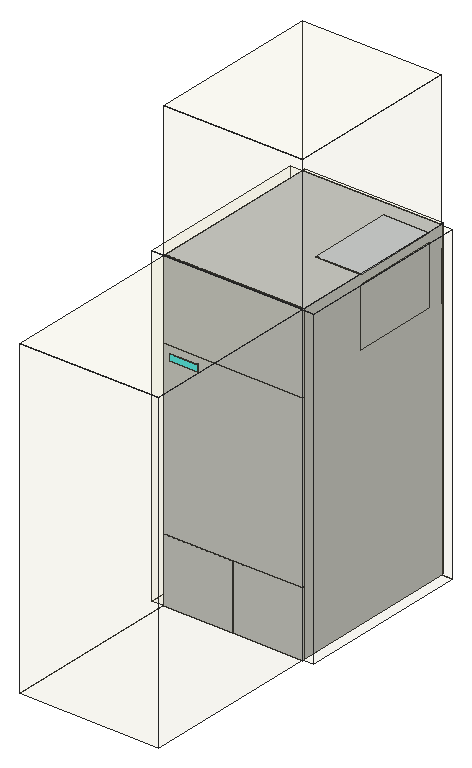
Revit family "Siemens_MV_switchgear_gas-insulated_8DJH_compact  ring main and transformer panel", category Electrical Fixtures, Revit 2016
Family settings
  Maintain Annotation Orientation = No
  Part Type = Normal
  Round Connector Dimension = Use Diameter
  OmniClass Number = 23.80.00.00
  OmniClass Title = Electric Power and Lighting
  Work Plane-Based = No
  Always vertical = Yes
  Cut with Voids When Loaded = No
  Shared = No
  Room Calculation Point = No
Parameters (values of type "2 ring main and 1 transformer panel (RRT)")
  V4 = V = 4  # no
  V3 = V = 3  # no
  V = 2
  Voltage rating (kV) = "25 - 34.5"
  Type of arrangement = "wall-standing; free-standing"
  Technical description MV-switchgear = "www.siemens.com/medium-voltage-switchgear"
  Switchgear type = "8DJH compact"
  Standards = "IEC / GOST / GB"
  Specification texts = "www.siemens.com/specifications"
  Product data url = "http://bimobject.com/en-us/siemens/product/siemens_mv_switchgear_gas-insulated_8djh_compact_24kv"
  Product Guid = "4bded476-668d-478a-98aa-a03dbc06cb6d"
  Pressure absorber right 1 [instance] = if(PaneltypNr = 4, 1 = 2, Cable connection to right)  # no
  Edition number = 1
  Cable connection to right [instance] = no
  PaneltypNr [instance] = 2
  Panel connection = "One cable per phase"
  SIMARIS planning tools = "www.siemens.com/simaris"
  Rated voltage (kV) = "3.3 - 22"
  Rated short-time withstand current (kA/s) = "16/1;16/3;20/1;20/3;25/1"
  Rated short-duration power-frequency withstand voltage (kV) = "20;28;36;38;50"
  Rated normal current busbar (A) = "630"
  Rated lightning impulse withstand voltage (kV) = "60;75;95;125"
  Rated frequency (Hz) = "50;60"
  Rated current feeder (A) = "630"
  Panel type = "RRT"
  Three-position switch = "manual operated; motor operated"
  Line_h1 [instance] = if(Height 1400 mm, 600 mm, 900 mm)  # 600 mm
  Internal arc classification = "IAC A F 21kA/1s; IAC A FLR 21kA/1s"
  Hges_Cl_Top [instance] = H + 600 mm  # 2000 mm
  Hges_Cl_H [instance] = H  # 1400 mm
  Height 1700 mm [instance] = not(Height 1400 mm)  # no
  Height 1400 mm [instance] = yes
  Druckabsorber_sichtbar [instance] = (Pressure absorber on_off)  # no
  Short circuit/earth fault indicator = "without; with"
  Clearence for only operating [instance] = yes
  Capacitive voltage  indicator = "with"
  Pressure absorber on_off [instance] = no
  T [instance] = 775 mm  # constant formula
  Consultant support for Totally Integrated Power (TIP) = "www.siemens.com/tip-cs"
  Clearance [instance] = yes
  Rated Current = ""
  Model = "2 ring main and 1 transformer panel (RRT)"
  Manufacturer = "Siemens AG"
  IFC Classification = "Electric Distribution"
  Hges [instance] = H  # 1400 mm
  DrAb_U [instance] = 0 mm  # constant formula
  H [instance] = if(Height 1400 mm, 1400 mm, 1700 mm)  # 1400 mm
  Manufacturer = "Siemens AG"
  Cl_v_T [instance] = if(Clearence for only operating, 800 mm, 1000 mm)  # 800 mm
  Cl_r_B [instance] = B_all + 50 mm  # 670 mm
  Cl_l_B [instance] = -50 mm  # constant formula
  Cl_H_T [instance] = 15 mm  # constant formula
  Capacitive voltage indicator = "CAPDIS-S1+;CAPDIS-S2+;HR;LRM;VOIS+;VOIS R+;WEGA 1.2 C;WEGA 2.2 C"
  B_all [instance] = if(V = 2, B, if(V = 3, B + 310 mm, 2 * B))  # 620 mm
  B [instance] = if(Pressure absorber on_off, 620 mm + 80 mm, 620 mm)  # 620 mm
Reference planes
  plane 1 "Mitte (Vorne/Hinten)": y = 0
  plane 2: z = 0
  plane 3 "Mitte (Links/Rechts)": x = 0
  plane 4 "Schrankunterkante": z = 0
  plane 5 "Hinterkant Schrank": y = 775
  plane 6: z = 1400
  plane 7 "H": z = 1400
  plane 8 "EP -RRT -R": x = 620
  plane 9 "Linien": y = -1
Forms (mm)
  Extrusion 1, solid, material "Glas unsichtbar", visible <- "Clearance"
    sketch origin (0, 0, 0) x (0, 1, 0) y (0, 0, 1)
      loop
        line (0, 1400) -> (-800, 1400) -> (-800, 0) -> (0, 0) -> (0, 1400)
    from 0 to 620 <- "B_all"
  Extrusion 2, solid, material "Glas unsichtbar", visible <- "Clearance"
    sketch origin (0, 2746.306, -1522.302) x (0, 1, 0) y (0, 0, 1)
      loop
        line (-1971.306, 2922.302) -> (-2746.306, 2922.302) -> (-2746.306, 1522.302) -> (-1971.306, 1522.302) -> (-1971.306, 2922.302)
    from -50 <- "Cl_l_B" to 0
  Extrusion 3, solid, material "Glas unsichtbar", visible <- "Clearance"
    sketch origin (0, -2515.375, 1319.373) x (0, 1, 0) y (0, 0, 1)
      loop
        line (3290.375, 80.627) -> (2515.375, 80.627) -> (2515.375, -1319.373) -> (3290.375, -1319.373) -> (3290.375, 80.627)
    from 620 <- "B_all" to 670 <- "Cl_r_B"
  Extrusion 4, solid, material "Glas unsichtbar", visible <- "Clearance"
    sketch origin (0, 889.07, 278.53) x (0, 1, 0) y (0, 0, 1)
      loop
        line (-99.07, -278.53) -> (-99.07, 1121.47) -> (-114.07, 1121.47) -> (-114.07, -278.53) -> (-99.07, -278.53)
    from 0 to 620 <- "B_all"
  Extrusion 5, solid, material "Glas unsichtbar", visible <- "Clearance"
    sketch origin (0, -5930.661, 4152.693) x (0, 1, 0) y (0, 0, 1)
      loop
        line (6705.661, -2152.693) -> (5930.661, -2152.693) -> (5930.661, -2752.693) -> (6705.661, -2752.693) -> (6705.661, -2152.693)
    from 0 to 620 <- "B_all"
Dimensions and locks
  "Cl_v_T": Extrusion 1 sketch curve to Extrusion 1 sketch curve
  "DrAb_U": plane 4 "Schrankunterkante" to plane 2
  "Hges": Extrusion 1 sketch curve to Extrusion 1 sketch curve
  "T": Extrusion 2 sketch curve to Extrusion 2 sketch curve
  "Hges": Extrusion 2 sketch curve to Extrusion 2 sketch curve
  "T": Extrusion 3 sketch curve to Extrusion 3 sketch curve
  "Hges": Extrusion 3 sketch curve to Extrusion 3 sketch curve
  "Cl_H_T": Extrusion 4 sketch curve to Extrusion 4 sketch curve
  "T": plane 5 "Hinterkant Schrank" to plane 1 "Mitte (Vorne/Hinten)"
  "T": Extrusion 5 sketch curve to Extrusion 5 sketch curve
  "Hges": plane 6 to level
  "Hges_Cl_H": Extrusion 4 sketch curve to Extrusion 4 sketch curve
  "Hges_Cl_Top": Extrusion 5 sketch curve to level
  "H": plane 4 "Schrankunterkante" to plane 7 "H"
  nested 1 to nested 1 = 620 mm
  "B": plane 3 "Mitte (Links/Rechts)" to plane 8 "EP -RRT -R"
  "Line_h1": nested 4 to level
  "Line_h1": nested 5 to level
  plane 1 "Mitte (Vorne/Hinten)" to plane 9 "Linien" = 1 mm
  "Line_h1": nested 6 to level
  locked: nested 6 to nested 2 at 170
  locked: nested 2 to nested 4 at 111.757
  locked: nested 5 to plane 8 "EP -RRT -R" at 197.457
  aligned and locked: level to plane 2
  aligned and locked: plane 1 "Mitte (Vorne/Hinten)" to Extrusion 1 sketch curve
  aligned and locked: Extrusion 2 to level
  aligned and locked: plane 1 "Mitte (Vorne/Hinten)" to Extrusion 2
  aligned and locked: Extrusion 3 to level
  aligned and locked: plane 1 "Mitte (Vorne/Hinten)" to Extrusion 3
  aligned and locked: Extrusion 4 to level
  aligned and locked: plane 5 "Hinterkant Schrank" to Extrusion 4
  aligned and locked: Extrusion 5 to plane 6
  aligned and locked: plane 1 "Mitte (Vorne/Hinten)" to Extrusion 5
  aligned and locked: plane 3 "Mitte (Links/Rechts)" to nested 1
  aligned and locked: nested 1 to level
  aligned and locked: plane 5 "Hinterkant Schrank" to nested 1
  aligned and locked: plane 8 "EP -RRT -R" to nested 2
  aligned and locked: nested 2 to level
  aligned and locked: plane 5 "Hinterkant Schrank" to nested 2
  aligned and locked: nested 3 to level
  aligned and locked: plane 8 "EP -RRT -R" to nested 3
  aligned and locked: plane 1 "Mitte (Vorne/Hinten)" to nested 3
  aligned and locked: plane 9 "Linien" to nested 4
  aligned and locked: plane 9 "Linien" to nested 5
  aligned and locked: plane 9 "Linien" to nested 6
Automatic sketch dimensions
  plane 1 "Mitte (Vorne/Hinten)" to Extrusion 5 sketch curve = 0 mm
  Extrusion 5 sketch curve to plane 4 "Schrankunterkante" = 1400 mm
  Extrusion 2 sketch curve to plane 1 "Mitte (Vorne/Hinten)" = 0 mm
  Extrusion 2 sketch curve to level = 0 mm
  Extrusion 3 sketch curve to plane 1 "Mitte (Vorne/Hinten)" = 0 mm
  Extrusion 3 sketch curve to level = 0 mm
  Extrusion 4 sketch curve to level = 0 mm
  Extrusion 4 sketch curve to plane 5 "Hinterkant Schrank" = 0 mm
  Extrusion 1 sketch curve to level = 0 mm
Nested families
  nested 1: "8DJH compact - Basic3" at (0, 775, 0), B <- "B", Pressure absorber on_off <- "Pressure absorber on_off", H <- "H", T <- "T", PaneltypeNR <- "PaneltypNr", Cable connection to right <- "Cable connection to right", type "Test"
    with XB_AE 775 mm, T 775 mm, Sch_h1 1020 mm, Sch_ab1 30 mm, Pressure absorber on_off no, PaneltypeNR 2, Kab_u_t2 690 mm, Kab_u_t1 400 mm, Kab_u_b1 580 mm, Kab_top_h2 1401 mm, Kab_r_h1 1360 mm, Kab_r_b2 621 mm, Kab_h_h1 1310 mm, Kab_ab_vh 70 mm, Ka_r_sichtbar yes, H 1400 mm, GK5_b2 620 mm, GK5_b1 310 mm, GK4u5_h 290 mm, GK4_b2 310 mm, GK4_b1 0 mm, GK3_h2 1050 mm, GK3_h 760 mm, GK3_EP_h 640 mm, GK2_h 350 mm, GK2_b2 620 mm, GK2_b1 0 mm, GK1_t 764 mm, GK1_h 1400 mm, Cable connection to right no, B 620 mm
  nested 2: "8DJH compact - Basic4" at (620, 775, 0), Pressure absorber on_off <- "Pressure absorber on_off", T <- "T", H <- "H", visible <- "V4", Cable connection to right <- "Cable connection to right", type "basic1"
    with XB_AE 775 mm, T 775 mm, Sch_h1 1020 mm, Sch_ab1 30 mm, Pressure absorber on_off no, Kab_u_t2 690 mm, Kab_u_t1 400 mm, Kab_u_b1 580 mm, Kab_top_h2 1401 mm, Kab_r_sichtbar no, Kab_r_h1 1360 mm, Kab_r_b2 830 mm, Kab_h_u_top_b2 620 mm, Kab_h_h1 1310 mm, Kab_ab_vh 70 mm, H 1400 mm, GK5_b2 620 mm, GK5_b1 310 mm, GK4u5_h 290 mm, GK4_b2 310 mm, GK4_b1 0 mm, GK3_h2 1050 mm, GK3_h 760 mm, GK3_b2 620 mm, GK3_EP_h 640 mm, GK2_h 350 mm, GK2_b2 620 mm, GK2_b1 0 mm, GK1_t 764 mm, GK1_h 1400 mm, Cable connection to right no, B 620 mm
  nested 3: "8DJH compact - Basic5" at (620, 775, 0), visible <- "V3", H <- "H", type "basic5"
    with T 775 mm, Sch_h1 260 mm, Sch_ab1 30 mm, Pressure absorber on_off yes, Kab_u_t2 690 mm, Kab_u_t1 400 mm, Kab_u_b1 270 mm, H 1400 mm, GK5_b2 310 mm, GK5_b1 310 mm, GK4u5_h 290 mm, GK4_b2 310 mm, GK4_b1 0 mm, GK3_h2 290 mm, GK3_h 290 mm, GK3_EP_h 450 mm, GK2_h 450 mm, GK2_b2 310 mm, GK2_b1 0 mm, GK1_t 764 mm, GK1_h2 110 mm, GK1_h 740 mm, Front 775 mm, B 310 mm
  nested 4: "2D_Linien2" at (313.862, -1, 318.595), type "Type M(430)"
    with Width 430 mm
  nested 5: "2D_Linien3" at (988.075, -1, 318.595), visible <- "V3", type "Type M(430)"
  nested 6: "2D_Linien4" at (933.862, -1, 318.595), visible <- "V4", type "Typ1"
Definition of nested family "8DJH compact - Basic3"
  Parameters (values of type "basic1")
    XB_AE [instance] = T  # 775 mm
    T [instance] = 775 mm
    Sch_h1 [instance] = GK3_h2 - 30 mm  # 1020 mm
    Sch_ab1 [instance] = 30 mm  # constant formula
    Pressure absorber on_off [instance] = yes
    PaneltypeNR [instance] = 0
    PA_b = 80 mm  # constant formula
    Manufacturer = "Siemens AG"
    Kab_u_t2 [instance] = T - 40 mm - 45 mm  # 690 mm
    Kab_u_t1 [instance] = 400 mm  # constant formula
    Kab_u_b1 [instance] = B - 40 mm  # 660 mm
    Kab_top_h2 [instance] = H + 1 mm  # 1401 mm
    Kab_r_b2 [instance] = if(Cable connection to right, B + 210 mm, B + 1 mm)  # 701 mm
    Kab_r_h1 [instance] = H - 40 mm  # 1360 mm
    Kab_h_h1 [instance] = H - 90 mm  # 1310 mm
    Kab_ab_vh [instance] = 70 mm  # constant formula
    Ka_r_sichtbar [instance] = if(PaneltypeNR = 4, 1 = 2, 1 = 1)  # yes
    GK5_b2 [instance] = B  # 700 mm
    GK5_b1 [instance] = GK4_b2  # 390 mm
    GK4_b2 [instance] = GK4_b1 + 310 mm  # 390 mm
    GK4_b1 [instance] = GK2_b1  # 80 mm
    GK2_h [instance] = 350 mm  # constant formula
    IFC Classification = "Electric Distribution"
    H [instance] = 1400 mm
    built-in parameter 1010108 = "Siemens AG"
    GK4u5_h [instance] = if(H = 1400 mm, 290 mm, 590 mm)  # 290 mm
    GK3_h2 [instance] = H - GK2_h  # 1050 mm
    GK3_h [instance] = 760 mm  # constant formula
    GK3_EP_h [instance] = H - GK3_h  # 640 mm
    GK2_b2 [instance] = B  # 700 mm
    GK2_b1 [instance] = if(Pressure absorber on_off, PA_b, 0 mm)  # 80 mm
    GK1_t [instance] = T - 11 mm  # 764 mm
    GK1_h [instance] = H  # 1400 mm
    Cable connection to right [instance] = no
    B [instance] = if(Pressure absorber on_off, 620 mm + 80 mm, 620 mm)  # 700 mm
  Types (2, lengths in mm): name | XB_AE | T | Sch_h1 | Kab_u_t2 | Kab_top_h2 | Kab_r_b2 | Kab_r_h1 | Kab_h_h1 | H | GK4u5_h | GK3_h2 | GK3_EP_h | GK1_t | GK1_h | Cable connection to right
    basic1 | 775 | 775 | 1020 | 690 | 1401 | 701 | 1360 | 1310 | 1400 | 290 | 1050 | 640 | 764 | 1400 | no
    Test | 1200 | 1200 | 1220 | 1115 | 1601 | 910 | 1560 | 1510 | 1600 | 590 | 1250 | 840 | 1189 | 1600 | yes
  Reference planes
    plane 1 "Mitte (Vorne/Hinten)": y = 0
    plane 2: z = 0
    plane 3 "Mitte (Links/Rechts)": x = 0
    plane 4 "Bedienelemente": y = -775
    plane 5 "Kabeldurchbruch": y = -491
    plane 6: x = 700
  Forms (mm)
    Extrusion 1, solid
      sketch origin (0, 0, 0) x (0, 1, 0) y (0, 0, 1)
        loop
          line (-764, 0) -> (0, 0) -> (0, 1400) -> (-764, 1400) -> (-764, 0)
      from 0 to 700 <- "B"
    Extrusion 2, solid
      sketch origin (0, 0, 0) x (0, 1, 0) y (0, 0, 1)
        loop
          line (-765, 1400) -> (-775, 1400) -> (-775, 1050) -> (-765, 1050) -> (-765, 1400)
      from 80 <- "GK2_b1" to 700 <- "GK2_b2"
    Extrusion 3, solid
      sketch origin (0, -103.477, -448.21) x (0, 1, 0) y (0, 0, 1)
        loop
          line (-661.523, 1498.21) -> (-671.523, 1498.21) -> (-671.523, 738.21) -> (-661.523, 738.21) -> (-661.523, 1498.21)
      from 0 to 700 <- "GK2_b2"
    Extrusion 4, solid
      sketch origin (0, -142.206, -1187.196) x (0, 1, 0) y (0, 0, 1)
        loop
          line (-622.794, 1477.196) -> (-632.794, 1477.196) -> (-632.794, 1187.196) -> (-622.794, 1187.196) -> (-622.794, 1477.196)
      from 80 <- "GK4_b1" to 390 <- "GK4_b2"
    Extrusion 5, solid
      sketch origin (0, -598.777, -1131.136) x (0, 1, 0) y (0, 0, 1)
        loop
          line (-166.223, 1421.136) -> (-176.223, 1421.136) -> (-176.223, 1131.136) -> (-166.223, 1131.136) -> (-166.223, 1421.136)
      from 390 <- "GK5_b1" to 700 <- "GK5_b2"
    Extrusion 6, solid
      sketch origin (0, 0, 0) x (1, 0, 0) y (0, 1, 0)
        loop
          line (500, -70) -> (500, -450) -> (700, -450) -> (700, -70) -> (500, -70)
      from 1400 <- "H" to 1401 <- "Kab_top_h2"
    Extrusion 7, solid
      sketch origin (0, 0, 0) x (1, 0, 0) y (0, 0, 1)
        loop
          line (500, 1310) -> (500, 1090) -> (700, 1090) -> (700, 1310) -> (500, 1310)
      from -1 to 0
    Extrusion 8, void
      sketch origin (0, 0, 0) x (1, 0, 0) y (0, 1, 0)
        loop
          line (90, -491) -> (90, -621) -> (120, -621) -> (120, -690) -> (350, -690) -> (350, -621) -> (382, -621) -> (382, -491) -> (90, -491)
        loop
          line (400, -491) -> (400, -621) -> (430, -621) -> (430, -690) -> (660, -690) -> (660, -621) -> (690, -621) -> (690, -491) -> (400, -491)
      from 0 to 10
    Extrusion 9, solid, visible <- "Ka_r_sichtbar"
      sketch origin (0, 0, 0) x (0, 1, 0) y (0, 0, 1)
        loop
          line (-450, 1360) -> (-450, 1100) -> (-70, 1100) -> (-70, 1360) -> (-450, 1360)
      from 700 <- "B" to 701 <- "Kab_r_b2"
  Cuts and joins
    Extrusion 8 cuts Extrusion 1
  Dimensions and locks
    "GK1_h": Extrusion 1 sketch curve to Extrusion 1 sketch curve
    "XB_AE": plane 1 "Mitte (Vorne/Hinten)" to plane 4 "Bedienelemente"
    "GK1_t": Extrusion 1 sketch curve to Extrusion 1 sketch curve
    plane 5 "Kabeldurchbruch" to plane 1 "Mitte (Vorne/Hinten)" = 491 mm
    locked: Extrusion 2 sketch curve to Extrusion 2 sketch curve at 10
    "T": plane 1 "Mitte (Vorne/Hinten)" to Extrusion 2 sketch curve
    locked: Extrusion 2 sketch curve to Extrusion 2 sketch curve at 350
    locked: Extrusion 3 sketch curve to Extrusion 3 sketch curve at 10
    "GK3_h": Extrusion 3 sketch curve to Extrusion 3 sketch curve
    locked: Extrusion 4 sketch curve to Extrusion 4 sketch curve at 10
    "GK4u5_h": Extrusion 4 sketch curve to Extrusion 4 sketch curve
    locked: Extrusion 5 sketch curve to Extrusion 5 sketch curve at 10
    "GK4u5_h": Extrusion 5 sketch curve to Extrusion 5 sketch curve
    "GK3_h2": Extrusion 3 sketch curve to level
    "T": plane 1 "Mitte (Vorne/Hinten)" to Extrusion 3 sketch curve
    "T": plane 1 "Mitte (Vorne/Hinten)" to Extrusion 4 sketch curve
    "H": level to Extrusion 2 sketch curve
    "T": plane 1 "Mitte (Vorne/Hinten)" to Extrusion 5 sketch curve
    "Sch_h1": nested 1 to level
    "Sch_ab1": nested 1 to plane 3 "Mitte (Links/Rechts)"
    locked: Extrusion 6 sketch curve to Extrusion 6 sketch curve at 380
    "Kab_ab_vh": Extrusion 6 sketch curve to plane 1 "Mitte (Vorne/Hinten)"
    "B": plane 3 "Mitte (Links/Rechts)" to Extrusion 6 sketch curve
    Extrusion 7 sketch curve to Extrusion 7 sketch curve = 220 mm
    locked: Extrusion 7 sketch curve to Extrusion 7 sketch curve at 200
    "Kab_h_h1": Extrusion 7 sketch curve to level
    "B": Extrusion 7 sketch curve to plane 3 "Mitte (Links/Rechts)"
    locked: Extrusion 8 sketch curve to Extrusion 8 sketch curve at 80
    "Kab_u_b1": plane 3 "Mitte (Links/Rechts)" to Extrusion 8 sketch curve
    "Kab_u_t2": Extrusion 8 sketch curve to plane 1 "Mitte (Vorne/Hinten)"
    locked: Extrusion 8 sketch curve to Extrusion 8 sketch curve at 230  (x2)
    locked: Extrusion 6 sketch curve to Extrusion 6 sketch curve at 200
    locked: Extrusion 9 sketch curve to Extrusion 9 sketch curve at 260
    "Kab_r_h1": level to Extrusion 9 sketch curve
    locked: Extrusion 9 sketch curve to Extrusion 9 sketch curve at 380
    locked: Extrusion 9 sketch curve to cut or joined group of Extrusion 1, Extrusion 8 at 70
    "B": plane 3 "Mitte (Links/Rechts)" to plane 6
    locked: Extrusion 8 sketch curve to Extrusion 8 sketch curve at 30
    aligned and locked: level to plane 2
    aligned and locked: level to Extrusion 1 sketch curve
    aligned and locked: plane 1 "Mitte (Vorne/Hinten)" to Extrusion 1 sketch curve
    aligned and locked: level to Extrusion 4 sketch curve
    aligned and locked: level to Extrusion 5 sketch curve
    aligned and locked: plane 4 "Bedienelemente" to nested 1
    aligned and locked: Extrusion 8 sketch curve to Extrusion 8 sketch curve  (x2)
    aligned and locked: Extrusion 8 sketch curve to plane 5 "Kabeldurchbruch"
    aligned and locked: plane 1 "Mitte (Vorne/Hinten)" to nested 2
    aligned and locked: plane 6 to nested 2
    aligned and locked: Extrusion 8 sketch curve to nested 2
    aligned and locked: nested 2 to Extrusion 8 sketch curve  (x2)
  Automatic sketch dimensions
    Extrusion 8 sketch curve to Extrusion 8 sketch curve = 69 mm  (x4)
  Nested families
    nested 1: "Siemens Schild" at (110, -775, 1025), type "Test"
    nested 2: "Befestigungen nur 2x 310mm " at (390, 0, 0), type "Fastening and cable cut-out"
  Definition of nested family "Siemens Schild"
    Parameters (values of type "Test")
      Schild_Text_Tiefe = 0 mm  # constant formula
      Schild_Text_H = Schild_G_H - 10 mm  # 20 mm
      Schild_Text_T1 = Schild_T + Schild_G_T + 0.5 mm  # 6.5 mm
      Schild_T = 5 mm
      Schild_Rand = 5 mm
      Schild_L2 = Schild_L / 2  # 50 mm
      Schild_L = 100 mm  # constant formula
      Schild_H = 80 mm
      Schild_G_T = 1 mm
      Schild_G_L = 125 mm  # constant formula
      Schild_G_H = 30 mm  # constant formula
      Manufacturer = "Siemens AG"
      IFC Classification = "Electric Distribution"
      built-in parameter 1010108 = "Siemens AG"
    Reference planes
      plane 1 "Mitte (Vorne/Hinten)": y = 0
      plane 2: z = 0
      plane 3 "Mitte (Links/Rechts)": x = 0
      plane 4 "Einfiegefläche_Text": y = -1.5
    Forms (mm)
      Extrusion 1, solid
        sketch origin (-265.883, 0, -2089.227) x (1, 0, 0) y (0, 0, 1)
          loop
            line (185.883, 2054.227) -> (310.883, 2054.227) -> (310.883, 2084.227) -> (185.883, 2084.227) -> (185.883, 2054.227)
        from 0 to 1
    Dimensions and locks
      "Schild_G_L": Extrusion 1 sketch curve to Extrusion 1 sketch curve
      "Schild_G_H": Extrusion 1 sketch curve to Extrusion 1 sketch curve
      locked: plane 1 "Mitte (Vorne/Hinten)" to plane 4 "Einfiegefläche_Text" at 1.5
      aligned and locked: level to plane 2
    Automatic sketch dimensions
      Extrusion 1 sketch curve to level = 5 mm
      Extrusion 1 sketch curve to plane 3 "Mitte (Links/Rechts)" = 80 mm
  Definition of nested family "Befestigungen nur 2x 310mm "
    Parameters (values of type "Fastening and cable cut-out")
      WidthUpTo840 = and(not(Width620), not(Width840))  # no
      WidthUpTo620 = not(Width620)  # no
      Width840 = if(Width = 840 mm, 1 < 2, 1 > 2)  # no
      Width620 = if(Width = 620 mm, 1 < 2, 1 > 2)  # yes
      Width = 620 mm
      Visible = if(or(Cable Compartment Depth 575, Cable Compartment Depth 430), 1 < 2, Cable Compartment Depth 430)  # no
      Depth = 726 mm
      Cable cutout = if(or(Width = 430 mm, Width = 310 mm), 400 mm, if(Width = 500 mm, 380 mm, if(or(Width = 620 mm, Width = 840 mm), 250 mm, 400 mm)))  # 250 mm
      Cable Compartment Depth 575 = no
      Cable Compartment Depth 430 = no
      620andCC575 = if(and(Width620, Cable Compartment Depth 575), 1 < 2, 1 > 2)  # no
      620andCC430 = if(and(Width620, Visible), 1 < 2, 1 > 2)  # no
    Reference planes
      plane 1 "Center (Front/Back)": y = 0
      plane 2: z = 0
      plane 3 "Center (Left/Right)": x = 0
      plane 4: x = 310
      plane 5: x = -310
      plane 6: z = 2046
      plane 7: y = -726
      plane 8: z = 2200
      plane 9: y = -33
      plane 10: y = -99
      plane 11: y = -220
      plane 12: y = -315
      plane 13: x = -280
      plane 14: x = -300
      plane 15: x = 280
      plane 16: x = 300
      plane 17: y = -721
      plane 18: y = -701
      plane 19: y = -748
      plane 20: y = -893
      plane 21: y = -728
      plane 22: y = -768
      plane 23: y = -250
      plane 24: y = -442
      plane 25: y = -482
      plane 26: y = -630
      plane 27: y = -670
    Lines and regions (mm)
      model lines
        curve 1: line (-310, 0, 0) -> (310, 0, 0)
        curve 2: line (-310, -726, 0) -> (-310, 0, 0)
        curve 3: line (310, -726, 0) -> (-310, -726, 0)
        curve 4: line (310, 0, 0) -> (310, -726, 0)
        curve 5: line (-300, -79, 0) -> (-280, -79, 0)
        curve 6: line (-280, -79, 0) -> (-280, -119, 0)
        curve 7: line (-280, -119, 0) -> (-300, -119, 0)
        curve 8: line (-300, -79, 0) -> (-300, -119, 0)
        curve 9: line (-300, -203, 0) -> (-280, -203, 0)
        curve 10: line (-280, -203, 0) -> (-280, -243, 0)
        curve 11: line (-280, -243, 0) -> (-300, -243, 0)
        curve 12: line (-300, -203, 0) -> (-300, -243, 0)
        curve 13: line (-300, -295, 0) -> (-280, -295, 0)
        curve 14: line (-280, -295, 0) -> (-280, -335, 0)
        curve 15: line (-280, -335, 0) -> (-300, -335, 0)
        curve 16: line (-300, -295, 0) -> (-300, -335, 0)
        curve 17: line (-300, -442, 0) -> (-280, -442, 0)
        curve 18: line (-280, -442, 0) -> (-280, -482, 0)
        curve 19: line (-280, -482, 0) -> (-300, -482, 0)
        curve 20: line (-300, -442, 0) -> (-300, -482, 0)
        curve 21: line (-300, -630, 0) -> (-280, -630, 0)
        curve 22: line (-280, -630, 0) -> (-280, -670, 0)
        curve 23: line (-280, -670, 0) -> (-300, -670, 0)
        curve 24: line (-300, -630, 0) -> (-300, -670, 0)
        curve 25: line (280, -630, 0) -> (300, -630, 0)
        curve 26: line (300, -630, 0) -> (300, -670, 0)
        curve 27: line (300, -670, 0) -> (280, -670, 0)
        curve 28: line (280, -630, 0) -> (280, -670, 0)
        curve 29: line (280, -442, 0) -> (300, -442, 0)
        curve 30: line (300, -442, 0) -> (300, -482, 0)
        curve 31: line (300, -482, 0) -> (280, -482, 0)
        curve 32: line (280, -442, 0) -> (280, -482, 0)
        curve 33: line (280, -295, 0) -> (300, -295, 0)
        curve 34: line (300, -295, 0) -> (300, -335, 0)
        curve 35: line (300, -335, 0) -> (280, -335, 0)
        curve 36: line (280, -295, 0) -> (280, -335, 0)
        curve 37: line (280, -200, 0) -> (300, -200, 0)
        curve 38: line (300, -200, 0) -> (300, -243, 0)
        curve 39: line (300, -243, 0) -> (280, -243, 0)
        curve 40: line (280, -200, 0) -> (280, -243, 0)
        curve 41: line (280, -79, 0) -> (300, -79, 0)
        curve 42: line (300, -79, 0) -> (300, -119, 0)
        curve 43: line (300, -119, 0) -> (280, -119, 0)
        curve 44: line (280, -79, 0) -> (280, -119, 0)
      model lines, visible <- "WidthUpTo620"
        curve 45: line (-20, -43, 0) -> (-20, -23, 0)
        curve 46: line (-20, -23, 0) -> (20, -23, 0)
        curve 47: line (20, -23, 0) -> (20, -43, 0)
        curve 48: line (-20, -43, 0) -> (20, -43, 0)
      model lines, visible <- "WidthUpTo840"
        curve 49: line (-20, -721, 0) -> (-20, -701, 0)
        curve 50: line (-20, -701, 0) -> (20, -701, 0)
        curve 51: line (20, -701, 0) -> (20, -721, 0)
        curve 52: line (-20, -721, 0) -> (20, -721, 0)
      model lines, visible <- "Visible"
        curve 53: line (-300, -728, 0) -> (-280, -728, 0)
        curve 54: line (-280, -728, 0) -> (-280, -768, 0)
        curve 55: line (-280, -768, 0) -> (-300, -768, 0)
        curve 56: line (-300, -728, 0) -> (-300, -768, 0)
        curve 57: line (280, -728, 0) -> (300, -728, 0)
        curve 58: line (300, -728, 0) -> (300, -768, 0)
        curve 59: line (300, -768, 0) -> (280, -768, 0)
        curve 60: line (280, -728, 0) -> (280, -768, 0)
      model lines, visible <- "Cable Compartment Depth 575"
        curve 61: line (-300, -873, 0) -> (-280, -873, 0)
        curve 62: line (-280, -873, 0) -> (-280, -913, 0)
        curve 63: line (-280, -913, 0) -> (-300, -913, 0)
        curve 64: line (-300, -873, 0) -> (-300, -913, 0)
        curve 65: line (280, -873, 0) -> (300, -873, 0)
        curve 66: line (300, -873, 0) -> (300, -913, 0)
        curve 67: line (300, -913, 0) -> (280, -913, 0)
        curve 68: line (280, -873, 0) -> (280, -913, 0)
      model lines, visible <- "Width620"
        curve 69: line (-28, -79, 0) -> (-8, -79, 0)
        curve 70: line (-8, -79, 0) -> (-8, -119, 0)
        curve 71: line (-8, -119, 0) -> (-28, -119, 0)
        curve 72: line (-28, -79, 0) -> (-28, -119, 0)
        curve 73: line (-28, -200, 0) -> (-8, -200, 0)
        curve 74: line (-8, -200, 0) -> (-8, -243, 0)
        curve 75: line (-8, -243, 0) -> (-28, -243, 0)
        curve 76: line (-28, -200, 0) -> (-28, -243, 0)
        curve 77: line (-28, -295, 0) -> (-8, -295, 0)
        curve 78: line (-8, -295, 0) -> (-8, -335, 0)
        curve 79: line (-8, -335, 0) -> (-28, -335, 0)
        curve 80: line (-28, -295, 0) -> (-28, -335, 0)
        curve 81: line (-28, -442, 0) -> (-8, -442, 0)
        curve 82: line (-8, -442, 0) -> (-8, -482, 0)
        curve 83: line (-8, -482, 0) -> (-28, -482, 0)
        curve 84: line (-28, -442, 0) -> (-28, -482, 0)
        curve 85: line (-28, -630, 0) -> (-8, -630, 0)
        curve 86: line (-8, -630, 0) -> (-8, -670, 0)
        curve 87: line (-8, -670, 0) -> (-28, -670, 0)
        curve 88: line (-28, -630, 0) -> (-28, -670, 0)
        curve 97: line (-175, -721, 0) -> (-175, -701, 0)
        curve 98: line (-175, -701, 0) -> (-135, -701, 0)
        curve 99: line (-135, -701, 0) -> (-135, -721, 0)
        curve 100: line (-175, -721, 0) -> (-135, -721, 0)
        curve 101: line (135, -721, 0) -> (135, -701, 0)
        curve 102: line (135, -701, 0) -> (175, -701, 0)
        curve 103: line (175, -701, 0) -> (175, -721, 0)
        curve 104: line (135, -721, 0) -> (175, -721, 0)
        curve 105: line (-175, -43, 0) -> (-175, -23, 0)
        curve 106: line (-175, -23, 0) -> (-135, -23, 0)
        curve 107: line (-135, -23, 0) -> (-135, -43, 0)
        curve 108: line (-175, -43, 0) -> (-135, -43, 0)
        curve 109: line (135, -43, 0) -> (135, -23, 0)
        curve 110: line (135, -23, 0) -> (175, -23, 0)
        curve 111: line (175, -23, 0) -> (175, -43, 0)
        curve 112: line (135, -43, 0) -> (175, -43, 0)
      model lines, visible <- "620andCC430"
        curve 89: line (-28, -728, 0) -> (-8, -728, 0)
        curve 90: line (-8, -728, 0) -> (-8, -768, 0)
        curve 91: line (-8, -768, 0) -> (-28, -768, 0)
        curve 92: line (-28, -728, 0) -> (-28, -768, 0)
      model lines, visible <- "620andCC575"
        curve 93: line (-28, -873, 0) -> (-8, -873, 0)
        curve 94: line (-8, -873, 0) -> (-8, -913, 0)
        curve 95: line (-8, -913, 0) -> (-28, -913, 0)
        curve 96: line (-28, -873, 0) -> (-28, -913, 0)
      model lines, visible <- "Width840"
        curve 113: line (-285, -721, 0) -> (-285, -701, 0)
        curve 114: line (-285, -701, 0) -> (-245, -701, 0)
        curve 115: line (-245, -701, 0) -> (-245, -721, 0)
        curve 116: line (-285, -721, 0) -> (-245, -721, 0)
        curve 117: line (-76, -721, 0) -> (-76, -701, 0)
        curve 118: line (-76, -701, 0) -> (-36, -701, 0)
        curve 119: line (-36, -701, 0) -> (-36, -721, 0)
        curve 120: line (-76, -721, 0) -> (-36, -721, 0)
        curve 121: line (36, -721, 0) -> (36, -701, 0)
        curve 122: line (36, -701, 0) -> (76, -701, 0)
        curve 123: line (76, -701, 0) -> (76, -721, 0)
        curve 124: line (36, -721, 0) -> (76, -721, 0)
        curve 125: line (245, -721, 0) -> (245, -701, 0)
        curve 126: line (245, -701, 0) -> (285, -701, 0)
        curve 127: line (285, -701, 0) -> (285, -721, 0)
        curve 128: line (245, -721, 0) -> (285, -721, 0)
        curve 129: line (-285, -43, 0) -> (-285, -23, 0)
        curve 130: line (-285, -23, 0) -> (-245, -23, 0)
        curve 131: line (-245, -23, 0) -> (-245, -43, 0)
        curve 132: line (-285, -43, 0) -> (-245, -43, 0)
        curve 133: line (245, -43, 0) -> (245, -23, 0)
        curve 134: line (245, -23, 0) -> (285, -23, 0)
        curve 135: line (285, -23, 0) -> (285, -43, 0)
        curve 136: line (245, -43, 0) -> (285, -43, 0)
    Dimensions and locks
      equal spacing: plane 5, plane 3 "Center (Left/Right)", plane 4
      "Width": plane 5 to plane 4
      "Depth": plane 1 "Center (Front/Back)" to plane 7
      plane 8 to plane 2 = 2200 mm
      plane 6 to plane 2 = 2046 mm
      locked: plane 16 to plane 4 at 10
      locked: plane 15 to plane 16 at 20
      locked: plane 5 to plane 14 at 10
      locked: plane 14 to plane 13 at 20
      locked: plane 17 to plane 7 at 5
      locked: plane 18 to plane 17 at 20
      plane 21 to plane 19 to plane 22 = 20 mm locked, 20 mm locked
      "Cable cutout": plane 23 to plane 1 "Center (Front/Back)"
      plane 1 "Center (Front/Back)" to plane 24 = 442 mm
      locked: plane 24 to plane 25 at 40
      plane 26 to plane 27 = 40 mm
      locked: curve 11 to curve 9 at 40
      locked: curve 9 to plane 1 "Center (Front/Back)" at 203
      curve 107 to plane 3 "Center (Left/Right)" to curve 109 = 135 mm locked, 135 mm locked
      locked: curve 109 to curve 111 at 40
      locked: curve 105 to curve 107 at 40
      locked: curve 131 to plane 3 "Center (Left/Right)" at 245
      locked: plane 3 "Center (Left/Right)" to curve 133 at 245
      locked: curve 133 to curve 135 at 40
      locked: curve 129 to curve 131 at 40
      plane 9 to plane 1 "Center (Front/Back)" = 33 mm
      plane 10 to plane 1 "Center (Front/Back)" = 99 mm
      plane 11 to plane 1 "Center (Front/Back)" = 220 mm
      plane 12 to plane 1 "Center (Front/Back)" = 315 mm
      plane 26 to plane 1 "Center (Front/Back)" = 630 mm
      plane 1 "Center (Front/Back)" to plane 18 = 701 mm
      aligned and locked: plane 2 to level
      aligned and locked: plane 1 "Center (Front/Back)" to curve 1
      aligned and locked: plane 5 to curve 2
      aligned and locked: plane 7 to curve 3
      aligned and locked: curve 4 to plane 4
      aligned and locked: curve 8 to plane 14
      aligned and locked: curve 16 to plane 14
      aligned and locked: curve 20 to plane 14
      aligned and locked: curve 24 to plane 14
      aligned and locked: plane 13 to curve 22
      aligned and locked: plane 13 to curve 18
      aligned and locked: plane 13 to curve 14
      aligned and locked: plane 13 to curve 10
      aligned and locked: plane 13 to curve 6
      aligned and locked: plane 15 to curve 44
      aligned and locked: plane 15 to curve 40
      aligned and locked: plane 15 to curve 36
      aligned and locked: plane 15 to curve 32
      aligned and locked: plane 15 to curve 28
      aligned and locked: curve 26 to plane 16
      aligned and locked: curve 30 to plane 16
      aligned and locked: curve 34 to plane 16
      aligned and locked: curve 42 to plane 16
      aligned and locked: curve 50 to plane 18
      aligned and locked: curve 52 to plane 17
      aligned and locked: curve 64 to plane 14
      aligned and locked: curve 56 to plane 14
      aligned and locked: plane 13 to curve 54
      aligned and locked: plane 13 to curve 62
      aligned and locked: plane 15 to curve 60
      aligned and locked: plane 15 to curve 68
      aligned and locked: curve 66 to plane 16
      aligned and locked: curve 58 to plane 16
      aligned and locked: curve 57 to plane 21
      aligned and locked: curve 53 to plane 21
      aligned and locked: curve 59 to plane 22
      aligned and locked: plane 22 to curve 55
      aligned and locked: curve 21 to plane 26
      aligned and locked: curve 25 to plane 26
      aligned and locked: plane 27 to curve 23
      aligned and locked: plane 27 to curve 27
      aligned and locked: plane 25 to curve 19
      aligned and locked: plane 25 to curve 31
      aligned and locked: curve 98 to plane 18
      aligned and locked: curve 100 to plane 17
      aligned and locked: curve 102 to plane 18
      aligned and locked: curve 104 to plane 17
      aligned and locked: curve 75 to curve 11
      aligned and locked: curve 39 to curve 11
      aligned and locked: curve 97 to curve 105
      aligned and locked: curve 107 to curve 99
      aligned and locked: curve 101 to curve 109
      aligned and locked: curve 111 to curve 103
      aligned and locked: curve 114 to plane 18
      aligned and locked: curve 118 to plane 18
      aligned and locked: curve 122 to plane 18
      aligned and locked: curve 126 to plane 18
      aligned and locked: curve 128 to plane 17
      aligned and locked: curve 124 to plane 17
      aligned and locked: curve 120 to plane 17
      aligned and locked: curve 116 to plane 17
      aligned and locked: curve 113 to curve 129
      aligned and locked: curve 131 to curve 115
      aligned and locked: curve 125 to curve 133
      aligned and locked: curve 135 to curve 127
    Automatic sketch dimensions
      curve 9 to plane 14 = 0 mm
      curve 88 to plane 27 = 0 mm
      curve 88 to plane 26 = 0 mm
      curve 84 to plane 25 = 0 mm
      curve 92 to plane 22 = 0 mm
      curve 89 to plane 21 = 0 mm
      curve 84 to plane 24 = 0 mm
      curve 38 to plane 16 = 0 mm
      plane 24 to curve 32 = 0 mm
      curve 17 to plane 24 = 0 mm
      curve 129 to plane 9 = 10 mm
      plane 9 to curve 131 = 10 mm
      curve 96 to plane 3 "Center (Left/Right)" = 28 mm
      curve 92 to plane 3 "Center (Left/Right)" = 28 mm
      curve 69 to plane 3 "Center (Left/Right)" = 28 mm
      curve 80 to plane 3 "Center (Left/Right)" = 28 mm
      curve 119 to curve 49 = 16 mm
      curve 45 to plane 3 "Center (Left/Right)" = 20 mm
      curve 87 to plane 3 "Center (Left/Right)" = 8 mm
      curve 82 to plane 3 "Center (Left/Right)" = 8 mm
      curve 79 to plane 3 "Center (Left/Right)" = 8 mm
      curve 91 to plane 3 "Center (Left/Right)" = 8 mm
      curve 95 to plane 3 "Center (Left/Right)" = 8 mm
      curve 69 to plane 3 "Center (Left/Right)" = 8 mm
      curve 73 to plane 3 "Center (Left/Right)" = 8 mm
      plane 3 "Center (Left/Right)" to curve 46 = 20 mm
      plane 3 "Center (Left/Right)" to curve 52 = 20 mm
      curve 50 to curve 122 = 16 mm
      plane 9 to curve 136 = 10 mm
      curve 134 to plane 9 = 10 mm
      plane 20 to curve 93 = 20 mm
      plane 20 to curve 68 = 20 mm
      plane 20 to curve 64 = 20 mm
      curve 63 to plane 20 = 20 mm
      curve 67 to plane 20 = 20 mm
      curve 96 to plane 20 = 20 mm
      plane 12 to curve 14 = 20 mm
      plane 12 to curve 34 = 20 mm
      plane 12 to curve 78 = 20 mm
      curve 80 to plane 12 = 20 mm
      curve 16 to plane 12 = 20 mm
      curve 36 to plane 12 = 20 mm
      curve 37 to plane 11 = 20 mm
      curve 73 to plane 11 = 20 mm
      plane 10 to curve 8 = 20 mm
      plane 10 to curve 43 = 20 mm
      plane 10 to curve 72 = 20 mm
      curve 8 to plane 10 = 20 mm
      curve 69 to plane 10 = 20 mm
      curve 41 to plane 10 = 20 mm
      plane 9 to curve 48 = 10 mm
      plane 9 to curve 112 = 10 mm
      plane 9 to curve 108 = 10 mm
      curve 111 to plane 9 = 10 mm
      curve 107 to plane 9 = 10 mm
      curve 47 to plane 9 = 10 mm
      curve 118 to curve 95 = 48 mm
      curve 121 to curve 124 = 40 mm
      curve 119 to curve 89 = 8 mm
      curve 75 to curve 74 = 20 mm
      curve 83 to curve 82 = 20 mm
      curve 88 to curve 49 = 8 mm
Definition of nested family "8DJH compact - Basic4"
  Parameters (values of type "basic1")
    XB_AE [instance] = T  # 775 mm
    T [instance] = 775 mm
    Sch_h1 [instance] = GK3_h2 - 30 mm  # 1020 mm
    Sch_ab1 [instance] = 30 mm  # constant formula
    Pressure absorber on_off [instance] = yes
    PA_b = 80 mm  # constant formula
    Manufacturer = "Siemens AG"
    Kab_u_t2 [instance] = T - 40 mm - 45 mm  # 690 mm
    Kab_u_t1 [instance] = 400 mm  # constant formula
    Kab_u_b1 [instance] = if(Pressure absorber on_off, B - PA_b - 40 mm, B - 40 mm)  # 580 mm
    Kab_top_h2 [instance] = H + 1 mm  # 1401 mm
    Kab_r_sichtbar [instance] = and(Cable connection to right, not(Pressure absorber on_off))  # no
    Kab_h_u_top_b2 [instance] = if(Pressure absorber on_off, B - PA_b, B)  # 620 mm
    Kab_r_b2 [instance] = B + 210 mm  # 910 mm
    Kab_r_h1 [instance] = H - 40 mm  # 1360 mm
    Kab_h_h1 [instance] = H - 90 mm  # 1310 mm
    Kab_ab_vh [instance] = 70 mm  # constant formula
    GK5_b2 [instance] = if(Pressure absorber on_off, B - PA_b, B)  # 620 mm
    GK5_b1 [instance] = GK4_b2  # 310 mm
    GK4_b2 [instance] = GK4_b1 + 310 mm  # 310 mm
    GK4_b1 [instance] = GK2_b1  # 0 mm
    GK3_b2 [instance] = B  # 700 mm
    GK2_h [instance] = 350 mm  # constant formula
    IFC Classification = "Electric Distribution"
    H [instance] = 1400 mm
    built-in parameter 1010108 = "Siemens AG"
    GK4u5_h [instance] = if(H = 1400 mm, 290 mm, 590 mm)  # 290 mm
    GK3_h2 [instance] = H - GK2_h  # 1050 mm
    GK3_h [instance] = 760 mm  # constant formula
    GK3_EP_h [instance] = H - GK3_h  # 640 mm
    GK2_b2 [instance] = if(Pressure absorber on_off, B - PA_b, B)  # 620 mm
    GK2_b1 [instance] = 0 mm  # constant formula
    GK1_t [instance] = T - 11 mm  # 764 mm
    GK1_h [instance] = H  # 1400 mm
    Cable connection to right [instance] = yes
    B [instance] = if(Pressure absorber on_off, 620 mm + 80 mm, 620 mm)  # 700 mm
  Types (2, lengths in mm): name | XB_AE | T | Sch_h1 | Kab_u_t2 | Kab_top_h2 | Kab_r_h1 | Kab_h_h1 | H | GK4u5_h | GK3_h2 | GK3_EP_h | GK1_t | GK1_h
    basic1 | 775 | 775 | 1020 | 690 | 1401 | 1360 | 1310 | 1400 | 290 | 1050 | 640 | 764 | 1400
    Test | 1200 | 1200 | 1220 | 1115 | 1601 | 1560 | 1510 | 1600 | 590 | 1250 | 840 | 1189 | 1600
  Reference planes
    plane 1 "Mitte (Vorne/Hinten)": y = 0
    plane 2: z = 0
    plane 3 "Mitte (Links/Rechts)": x = 0
    plane 4 "Bedienelemente": y = -775
    plane 5 "Kabeldurchbruch": y = -491
  Forms (mm)
    Extrusion 1, solid
      sketch origin (0, 0, 0) x (0, 1, 0) y (0, 0, 1)
        loop
          line (-764, 0) -> (0, 0) -> (0, 1400) -> (-764, 1400) -> (-764, 0)
      from 0 to 700 <- "B"
    Extrusion 2, solid
      sketch origin (0, 0, 0) x (0, 1, 0) y (0, 0, 1)
        loop
          line (-765, 1400) -> (-775, 1400) -> (-775, 1050) -> (-765, 1050) -> (-765, 1400)
      from 0 <- "GK2_b1" to 620 <- "GK2_b2"
    Extrusion 3, solid
      sketch origin (0, -103.477, -448.21) x (0, 1, 0) y (0, 0, 1)
        loop
          line (-661.523, 1498.21) -> (-671.523, 1498.21) -> (-671.523, 738.21) -> (-661.523, 738.21) -> (-661.523, 1498.21)
      from 0 to 700 <- "GK3_b2"
    Extrusion 4, solid
      sketch origin (0, -142.206, -1187.196) x (0, 1, 0) y (0, 0, 1)
        loop
          line (-622.794, 1477.196) -> (-632.794, 1477.196) -> (-632.794, 1187.196) -> (-622.794, 1187.196) -> (-622.794, 1477.196)
      from 0 <- "GK4_b1" to 310 <- "GK4_b2"
    Extrusion 5, solid
      sketch origin (0, -598.777, -1131.136) x (0, 1, 0) y (0, 0, 1)
        loop
          line (-166.223, 1421.136) -> (-176.223, 1421.136) -> (-176.223, 1131.136) -> (-166.223, 1131.136) -> (-166.223, 1421.136)
      from 310 <- "GK5_b1" to 620 <- "GK5_b2"
    Extrusion 6, solid
      sketch origin (0, 0, 0) x (1, 0, 0) y (0, 1, 0)
        loop
          line (420, -70) -> (420, -450) -> (620, -450) -> (620, -70) -> (420, -70)
      from 1400 <- "H" to 1401 <- "Kab_top_h2"
    Extrusion 7, solid
      sketch origin (0, 0, 0) x (1, 0, 0) y (0, 0, 1)
        loop
          line (420, 1310) -> (420, 1090) -> (620, 1090) -> (620, 1310) -> (420, 1310)
      from -1 to 0
    Extrusion 8, void
      sketch origin (0, 0, 0) x (1, 0, 0) y (0, 1, 0)
        loop
          line (610, -491) -> (320, -491) -> (320, -621) -> (350, -621) -> (350, -690) -> (580, -690) -> (580, -621) -> (610, -621) -> (610, -491)
        loop
          line (300, -491) -> (10, -491) -> (10, -621) -> (40, -621) -> (40, -690) -> (270, -690) -> (270, -621) -> (300, -621) -> (300, -491)
      from 0 to 10
    Extrusion 9, solid, visible <- "Kab_r_sichtbar"
      sketch origin (0, 0, 0) x (0, 1, 0) y (0, 0, 1)
        loop
          line (-450, 1360) -> (-450, 1100) -> (-70, 1100) -> (-70, 1360) -> (-450, 1360)
      from 700 <- "B" to 910 <- "Kab_r_b2"
  Cuts and joins
    Extrusion 8 cuts Extrusion 1
  Dimensions and locks
    "GK1_h": Extrusion 1 sketch curve to Extrusion 1 sketch curve
    "XB_AE": plane 1 "Mitte (Vorne/Hinten)" to plane 4 "Bedienelemente"
    "GK1_t": Extrusion 1 sketch curve to Extrusion 1 sketch curve
    plane 5 "Kabeldurchbruch" to plane 1 "Mitte (Vorne/Hinten)" = 491 mm
    locked: Extrusion 2 sketch curve to Extrusion 2 sketch curve at 10
    "T": plane 1 "Mitte (Vorne/Hinten)" to Extrusion 2 sketch curve
    locked: Extrusion 2 sketch curve to Extrusion 2 sketch curve at 350
    locked: Extrusion 3 sketch curve to Extrusion 3 sketch curve at 10
    "GK3_h": Extrusion 3 sketch curve to Extrusion 3 sketch curve
    locked: Extrusion 4 sketch curve to Extrusion 4 sketch curve at 10
    "GK4u5_h": Extrusion 4 sketch curve to Extrusion 4 sketch curve
    locked: Extrusion 5 sketch curve to Extrusion 5 sketch curve at 10
    "GK4u5_h": Extrusion 5 sketch curve to Extrusion 5 sketch curve
    "GK3_h2": Extrusion 3 sketch curve to level
    "T": plane 1 "Mitte (Vorne/Hinten)" to Extrusion 3 sketch curve
    "T": plane 1 "Mitte (Vorne/Hinten)" to Extrusion 4 sketch curve
    "H": level to Extrusion 2 sketch curve
    "T": plane 1 "Mitte (Vorne/Hinten)" to Extrusion 5 sketch curve
    "Sch_h1": nested 1 to level
    "Sch_ab1": nested 1 to plane 3 "Mitte (Links/Rechts)"
    locked: Extrusion 6 sketch curve to Extrusion 6 sketch curve at 380
    "Kab_ab_vh": Extrusion 6 sketch curve to plane 1 "Mitte (Vorne/Hinten)"
    "Kab_h_u_top_b2": plane 3 "Mitte (Links/Rechts)" to Extrusion 6 sketch curve
    Extrusion 7 sketch curve to Extrusion 7 sketch curve = 220 mm
    locked: Extrusion 7 sketch curve to Extrusion 7 sketch curve at 200
    "Kab_h_h1": Extrusion 7 sketch curve to level
    "Kab_h_u_top_b2": Extrusion 7 sketch curve to plane 3 "Mitte (Links/Rechts)"
    locked: Extrusion 6 sketch curve to Extrusion 6 sketch curve at 200
    locked: Extrusion 8 sketch curve to Extrusion 8 sketch curve at 30  (x4)
    locked: Extrusion 8 sketch curve to Extrusion 8 sketch curve at 230  (x2)
    locked: Extrusion 8 sketch curve to Extrusion 8 sketch curve at 20
    locked: Extrusion 8 sketch curve to Extrusion 8 sketch curve at 69
    "Kab_u_b1": plane 3 "Mitte (Links/Rechts)" to Extrusion 8 sketch curve
    "Kab_u_t2": Extrusion 8 sketch curve to plane 1 "Mitte (Vorne/Hinten)"
    Extrusion 9 sketch curve to Extrusion 9 sketch curve to cut or joined group of Extrusion 1, Extrusion 8 = 380 mm locked, 70 mm locked
    cut or joined group of Extrusion 1, Extrusion 8 to Extrusion 9 sketch curve to Extrusion 9 sketch curve = 40 mm locked, 260 mm locked
    aligned and locked: level to plane 2
    aligned and locked: level to Extrusion 1 sketch curve
    aligned and locked: plane 1 "Mitte (Vorne/Hinten)" to Extrusion 1 sketch curve
    aligned and locked: level to Extrusion 4 sketch curve
    aligned and locked: level to Extrusion 5 sketch curve
    aligned and locked: plane 4 "Bedienelemente" to nested 1
    aligned and locked: plane 1 "Mitte (Vorne/Hinten)" to nested 2
    aligned and locked: plane 3 "Mitte (Links/Rechts)" to nested 2
    aligned and locked: Extrusion 8 sketch curve to Extrusion 8 sketch curve  (x4)
    aligned and locked: plane 5 "Kabeldurchbruch" to Extrusion 8 sketch curve
  Automatic sketch dimensions
    Extrusion 8 sketch curve to plane 4 "Bedienelemente" = 85 mm
  Nested families
    nested 1: "Siemens Schild" at (110, -775, 1025), type "Test"
    nested 2: "Befestigungen nur 2x 310mm " at (310, 0, 0), type "Fastening and cable cut-out"
  Definition of nested family "Siemens Schild"
    Parameters (values of type "Test")
      Schild_Text_Tiefe = 0 mm  # constant formula
      Schild_Text_H = Schild_G_H - 10 mm  # 20 mm
      Schild_Text_T1 = Schild_T + Schild_G_T + 0.5 mm  # 6.5 mm
      Schild_T = 5 mm
      Schild_Rand = 5 mm
      Schild_L2 = Schild_L / 2  # 50 mm
      Schild_L = 100 mm  # constant formula
      Schild_H = 80 mm
      Schild_G_T = 1 mm
      Schild_G_L = 125 mm  # constant formula
      Schild_G_H = 30 mm  # constant formula
      Manufacturer = "Siemens AG"
      IFC Classification = "Electric Distribution"
      built-in parameter 1010108 = "Siemens AG"
    Reference planes
      plane 1 "Mitte (Vorne/Hinten)": y = 0
      plane 2: z = 0
      plane 3 "Mitte (Links/Rechts)": x = 0
      plane 4 "Einfiegefläche_Text": y = -1.5
    Forms (mm)
      Extrusion 1, solid
        sketch origin (-265.883, 0, -2089.227) x (1, 0, 0) y (0, 0, 1)
          loop
            line (185.883, 2054.227) -> (310.883, 2054.227) -> (310.883, 2084.227) -> (185.883, 2084.227) -> (185.883, 2054.227)
        from 0 to 1
    Dimensions and locks
      "Schild_G_L": Extrusion 1 sketch curve to Extrusion 1 sketch curve
      "Schild_G_H": Extrusion 1 sketch curve to Extrusion 1 sketch curve
      locked: plane 1 "Mitte (Vorne/Hinten)" to plane 4 "Einfiegefläche_Text" at 1.5
      aligned and locked: level to plane 2
    Automatic sketch dimensions
      Extrusion 1 sketch curve to level = 5 mm
      Extrusion 1 sketch curve to plane 3 "Mitte (Links/Rechts)" = 80 mm
  Definition of nested family "Befestigungen nur 2x 310mm "
    Parameters (values of type "Fastening and cable cut-out")
      WidthUpTo840 = and(not(Width620), not(Width840))  # no
      WidthUpTo620 = not(Width620)  # no
      Width840 = if(Width = 840 mm, 1 < 2, 1 > 2)  # no
      Width620 = if(Width = 620 mm, 1 < 2, 1 > 2)  # yes
      Width = 620 mm
      Visible = if(or(Cable Compartment Depth 575, Cable Compartment Depth 430), 1 < 2, Cable Compartment Depth 430)  # no
      Depth = 726 mm
      Cable cutout = if(or(Width = 430 mm, Width = 310 mm), 400 mm, if(Width = 500 mm, 380 mm, if(or(Width = 620 mm, Width = 840 mm), 250 mm, 400 mm)))  # 250 mm
      Cable Compartment Depth 575 = no
      Cable Compartment Depth 430 = no
      620andCC575 = if(and(Width620, Cable Compartment Depth 575), 1 < 2, 1 > 2)  # no
      620andCC430 = if(and(Width620, Visible), 1 < 2, 1 > 2)  # no
    Reference planes
      plane 1 "Center (Front/Back)": y = 0
      plane 2: z = 0
      plane 3 "Center (Left/Right)": x = 0
      plane 4: x = 310
      plane 5: x = -310
      plane 6: z = 2046
      plane 7: y = -726
      plane 8: z = 2200
      plane 9: y = -33
      plane 10: y = -99
      plane 11: y = -220
      plane 12: y = -315
      plane 13: x = -280
      plane 14: x = -300
      plane 15: x = 280
      plane 16: x = 300
      plane 17: y = -721
      plane 18: y = -701
      plane 19: y = -748
      plane 20: y = -893
      plane 21: y = -728
      plane 22: y = -768
      plane 23: y = -250
      plane 24: y = -442
      plane 25: y = -482
      plane 26: y = -630
      plane 27: y = -670
    Lines and regions (mm)
      model lines
        curve 1: line (-310, 0, 0) -> (310, 0, 0)
        curve 2: line (-310, -726, 0) -> (-310, 0, 0)
        curve 3: line (310, -726, 0) -> (-310, -726, 0)
        curve 4: line (310, 0, 0) -> (310, -726, 0)
        curve 5: line (-300, -79, 0) -> (-280, -79, 0)
        curve 6: line (-280, -79, 0) -> (-280, -119, 0)
        curve 7: line (-280, -119, 0) -> (-300, -119, 0)
        curve 8: line (-300, -79, 0) -> (-300, -119, 0)
        curve 9: line (-300, -203, 0) -> (-280, -203, 0)
        curve 10: line (-280, -203, 0) -> (-280, -243, 0)
        curve 11: line (-280, -243, 0) -> (-300, -243, 0)
        curve 12: line (-300, -203, 0) -> (-300, -243, 0)
        curve 13: line (-300, -295, 0) -> (-280, -295, 0)
        curve 14: line (-280, -295, 0) -> (-280, -335, 0)
        curve 15: line (-280, -335, 0) -> (-300, -335, 0)
        curve 16: line (-300, -295, 0) -> (-300, -335, 0)
        curve 17: line (-300, -442, 0) -> (-280, -442, 0)
        curve 18: line (-280, -442, 0) -> (-280, -482, 0)
        curve 19: line (-280, -482, 0) -> (-300, -482, 0)
        curve 20: line (-300, -442, 0) -> (-300, -482, 0)
        curve 21: line (-300, -630, 0) -> (-280, -630, 0)
        curve 22: line (-280, -630, 0) -> (-280, -670, 0)
        curve 23: line (-280, -670, 0) -> (-300, -670, 0)
        curve 24: line (-300, -630, 0) -> (-300, -670, 0)
        curve 25: line (280, -630, 0) -> (300, -630, 0)
        curve 26: line (300, -630, 0) -> (300, -670, 0)
        curve 27: line (300, -670, 0) -> (280, -670, 0)
        curve 28: line (280, -630, 0) -> (280, -670, 0)
        curve 29: line (280, -442, 0) -> (300, -442, 0)
        curve 30: line (300, -442, 0) -> (300, -482, 0)
        curve 31: line (300, -482, 0) -> (280, -482, 0)
        curve 32: line (280, -442, 0) -> (280, -482, 0)
        curve 33: line (280, -295, 0) -> (300, -295, 0)
        curve 34: line (300, -295, 0) -> (300, -335, 0)
        curve 35: line (300, -335, 0) -> (280, -335, 0)
        curve 36: line (280, -295, 0) -> (280, -335, 0)
        curve 37: line (280, -200, 0) -> (300, -200, 0)
        curve 38: line (300, -200, 0) -> (300, -243, 0)
        curve 39: line (300, -243, 0) -> (280, -243, 0)
        curve 40: line (280, -200, 0) -> (280, -243, 0)
        curve 41: line (280, -79, 0) -> (300, -79, 0)
        curve 42: line (300, -79, 0) -> (300, -119, 0)
        curve 43: line (300, -119, 0) -> (280, -119, 0)
        curve 44: line (280, -79, 0) -> (280, -119, 0)
      model lines, visible <- "WidthUpTo620"
        curve 45: line (-20, -43, 0) -> (-20, -23, 0)
        curve 46: line (-20, -23, 0) -> (20, -23, 0)
        curve 47: line (20, -23, 0) -> (20, -43, 0)
        curve 48: line (-20, -43, 0) -> (20, -43, 0)
      model lines, visible <- "WidthUpTo840"
        curve 49: line (-20, -721, 0) -> (-20, -701, 0)
        curve 50: line (-20, -701, 0) -> (20, -701, 0)
        curve 51: line (20, -701, 0) -> (20, -721, 0)
        curve 52: line (-20, -721, 0) -> (20, -721, 0)
      model lines, visible <- "Visible"
        curve 53: line (-300, -728, 0) -> (-280, -728, 0)
        curve 54: line (-280, -728, 0) -> (-280, -768, 0)
        curve 55: line (-280, -768, 0) -> (-300, -768, 0)
        curve 56: line (-300, -728, 0) -> (-300, -768, 0)
        curve 57: line (280, -728, 0) -> (300, -728, 0)
        curve 58: line (300, -728, 0) -> (300, -768, 0)
        curve 59: line (300, -768, 0) -> (280, -768, 0)
        curve 60: line (280, -728, 0) -> (280, -768, 0)
      model lines, visible <- "Cable Compartment Depth 575"
        curve 61: line (-300, -873, 0) -> (-280, -873, 0)
        curve 62: line (-280, -873, 0) -> (-280, -913, 0)
        curve 63: line (-280, -913, 0) -> (-300, -913, 0)
        curve 64: line (-300, -873, 0) -> (-300, -913, 0)
        curve 65: line (280, -873, 0) -> (300, -873, 0)
        curve 66: line (300, -873, 0) -> (300, -913, 0)
        curve 67: line (300, -913, 0) -> (280, -913, 0)
        curve 68: line (280, -873, 0) -> (280, -913, 0)
      model lines, visible <- "Width620"
        curve 69: line (-28, -79, 0) -> (-8, -79, 0)
        curve 70: line (-8, -79, 0) -> (-8, -119, 0)
        curve 71: line (-8, -119, 0) -> (-28, -119, 0)
        curve 72: line (-28, -79, 0) -> (-28, -119, 0)
        curve 73: line (-28, -200, 0) -> (-8, -200, 0)
        curve 74: line (-8, -200, 0) -> (-8, -243, 0)
        curve 75: line (-8, -243, 0) -> (-28, -243, 0)
        curve 76: line (-28, -200, 0) -> (-28, -243, 0)
        curve 77: line (-28, -295, 0) -> (-8, -295, 0)
        curve 78: line (-8, -295, 0) -> (-8, -335, 0)
        curve 79: line (-8, -335, 0) -> (-28, -335, 0)
        curve 80: line (-28, -295, 0) -> (-28, -335, 0)
        curve 81: line (-28, -442, 0) -> (-8, -442, 0)
        curve 82: line (-8, -442, 0) -> (-8, -482, 0)
        curve 83: line (-8, -482, 0) -> (-28, -482, 0)
        curve 84: line (-28, -442, 0) -> (-28, -482, 0)
        curve 85: line (-28, -630, 0) -> (-8, -630, 0)
        curve 86: line (-8, -630, 0) -> (-8, -670, 0)
        curve 87: line (-8, -670, 0) -> (-28, -670, 0)
        curve 88: line (-28, -630, 0) -> (-28, -670, 0)
        curve 97: line (-175, -721, 0) -> (-175, -701, 0)
        curve 98: line (-175, -701, 0) -> (-135, -701, 0)
        curve 99: line (-135, -701, 0) -> (-135, -721, 0)
        curve 100: line (-175, -721, 0) -> (-135, -721, 0)
        curve 101: line (135, -721, 0) -> (135, -701, 0)
        curve 102: line (135, -701, 0) -> (175, -701, 0)
        curve 103: line (175, -701, 0) -> (175, -721, 0)
        curve 104: line (135, -721, 0) -> (175, -721, 0)
        curve 105: line (-175, -43, 0) -> (-175, -23, 0)
        curve 106: line (-175, -23, 0) -> (-135, -23, 0)
        curve 107: line (-135, -23, 0) -> (-135, -43, 0)
        curve 108: line (-175, -43, 0) -> (-135, -43, 0)
        curve 109: line (135, -43, 0) -> (135, -23, 0)
        curve 110: line (135, -23, 0) -> (175, -23, 0)
        curve 111: line (175, -23, 0) -> (175, -43, 0)
        curve 112: line (135, -43, 0) -> (175, -43, 0)
      model lines, visible <- "620andCC430"
        curve 89: line (-28, -728, 0) -> (-8, -728, 0)
        curve 90: line (-8, -728, 0) -> (-8, -768, 0)
        curve 91: line (-8, -768, 0) -> (-28, -768, 0)
        curve 92: line (-28, -728, 0) -> (-28, -768, 0)
      model lines, visible <- "620andCC575"
        curve 93: line (-28, -873, 0) -> (-8, -873, 0)
        curve 94: line (-8, -873, 0) -> (-8, -913, 0)
        curve 95: line (-8, -913, 0) -> (-28, -913, 0)
        curve 96: line (-28, -873, 0) -> (-28, -913, 0)
      model lines, visible <- "Width840"
        curve 113: line (-285, -721, 0) -> (-285, -701, 0)
        curve 114: line (-285, -701, 0) -> (-245, -701, 0)
        curve 115: line (-245, -701, 0) -> (-245, -721, 0)
        curve 116: line (-285, -721, 0) -> (-245, -721, 0)
        curve 117: line (-76, -721, 0) -> (-76, -701, 0)
        curve 118: line (-76, -701, 0) -> (-36, -701, 0)
        curve 119: line (-36, -701, 0) -> (-36, -721, 0)
        curve 120: line (-76, -721, 0) -> (-36, -721, 0)
        curve 121: line (36, -721, 0) -> (36, -701, 0)
        curve 122: line (36, -701, 0) -> (76, -701, 0)
        curve 123: line (76, -701, 0) -> (76, -721, 0)
        curve 124: line (36, -721, 0) -> (76, -721, 0)
        curve 125: line (245, -721, 0) -> (245, -701, 0)
        curve 126: line (245, -701, 0) -> (285, -701, 0)
        curve 127: line (285, -701, 0) -> (285, -721, 0)
        curve 128: line (245, -721, 0) -> (285, -721, 0)
        curve 129: line (-285, -43, 0) -> (-285, -23, 0)
        curve 130: line (-285, -23, 0) -> (-245, -23, 0)
        curve 131: line (-245, -23, 0) -> (-245, -43, 0)
        curve 132: line (-285, -43, 0) -> (-245, -43, 0)
        curve 133: line (245, -43, 0) -> (245, -23, 0)
        curve 134: line (245, -23, 0) -> (285, -23, 0)
        curve 135: line (285, -23, 0) -> (285, -43, 0)
        curve 136: line (245, -43, 0) -> (285, -43, 0)
    Dimensions and locks
      equal spacing: plane 5, plane 3 "Center (Left/Right)", plane 4
      "Width": plane 5 to plane 4
      "Depth": plane 1 "Center (Front/Back)" to plane 7
      plane 8 to plane 2 = 2200 mm
      plane 6 to plane 2 = 2046 mm
      locked: plane 16 to plane 4 at 10
      locked: plane 15 to plane 16 at 20
      locked: plane 5 to plane 14 at 10
      locked: plane 14 to plane 13 at 20
      locked: plane 17 to plane 7 at 5
      locked: plane 18 to plane 17 at 20
      plane 21 to plane 19 to plane 22 = 20 mm locked, 20 mm locked
      "Cable cutout": plane 23 to plane 1 "Center (Front/Back)"
      plane 1 "Center (Front/Back)" to plane 24 = 442 mm
      locked: plane 24 to plane 25 at 40
      plane 26 to plane 27 = 40 mm
      locked: curve 11 to curve 9 at 40
      locked: curve 9 to plane 1 "Center (Front/Back)" at 203
      curve 107 to plane 3 "Center (Left/Right)" to curve 109 = 135 mm locked, 135 mm locked
      locked: curve 109 to curve 111 at 40
      locked: curve 105 to curve 107 at 40
      locked: curve 131 to plane 3 "Center (Left/Right)" at 245
      locked: plane 3 "Center (Left/Right)" to curve 133 at 245
